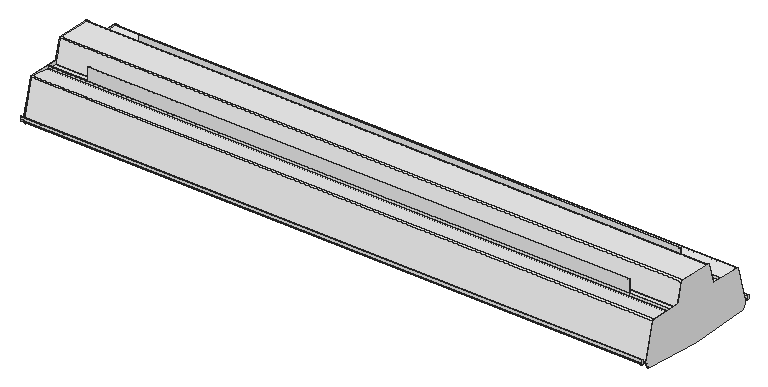
Revit family "LHBD-L05", category Lighting Fixtures, host Ceiling, Revit 2019
Family settings
  Host = Ceiling
  Round Connector Dimension = Use Diameter
  Part Type = Normal
  OmniClass Number = 23.80.70.11.14.11
  OmniClass Title = Downlights
  Always vertical = Yes
  Cut with Voids When Loaded = No
  Light Source = Yes
  Shared = No
  Room Calculation Point = No
Parameters (values of type "LHBD48-LED840K080LUNV-L05")
  Width = 0' - 9 13/16"
  Wattage = 52 W
  built-in parameter 1150110 = 1 (stored number, unit not read)
  Voltage = 120 V  # constant formula
  URL = "https://www.viscor.com/en/products/lhbd"
  built-in parameter 1114217 = 0.9 (stored number, unit not read)
  Tilt Angle = 90.00°
  built-in parameter 1150109 = 1 (stored number, unit not read)
  built-in parameter 1150134 = 12
  built-in parameter 1150113 = 1 (stored number, unit not read)
  Photometric Web File = "LHBD48-LED840K080LUNV-L05-G001988.IES"
  Model = "LHBD"  # constant formula
  Manufacturer = "VISIONEERING by VISCOR"  # constant formula
  Lumens = 7124 lm
  built-in parameter 1150115 = 1 (stored number, unit not read)
  built-in parameter 1150105 = 566.91 (stored number, unit not read)
  Louver Finish = Metal - Viscor - White Gloss F06
  built-in parameter 1150137 = (empty or 0)
  built-in parameter 1150139 = (empty or 0)
  Lens Finish = Acrylic - Viscor - Frosted, Impact Round Extruded
  Length = 3' - 10 1/16"
  Lamp Wattage = 52 VA
  built-in parameter 1150112 = 1 (stored number, unit not read)
  built-in parameter 1150114 = 1 (stored number, unit not read)
  Lamp = "LED"  # constant formula
  built-in parameter 1150132 = (empty or 0)
  built-in parameter 1150102 = (empty or 0)
  built-in parameter 1150138 = (empty or 0)
  built-in parameter 1150107 = 4000 (stored number, unit not read)
  built-in parameter 1150106 = 5.6691 (stored number, unit not read)
  Housing Finish = Metal - Viscor - White
  Height = 0' - 4 11/16"
  Emit from Rectangle Width = Width  # 0' - 9 13/16"
  Emit from Rectangle Length = Length  # 3' - 10 1/16"
  Emit Shape Visible in Rendering = no
  built-in parameter 1150104 = 12.728 (stored number, unit not read)
  Dimming Lamp Color Temperature Shift = <None>
  Description = "LED Pendant Mount High Bay D"  # constant formula
  Color Filter = 16777215
  built-in parameter 1114218 = 1 (stored number, unit not read)
  built-in parameter 1150133 = 10 (stored number, unit not read)
  Assembly Code = "D5020200"
  Apparent Load = Lamp Wattage  # 52 VA
Types (5): name | Wattage | Photometric Web File | Lumens | built-in parameter 1150105 | Length | Lamp Wattage | built-in parameter 1150106 | Emit from Rectangle Length | built-in parameter 1150104 | Apparent Load
  (no name) | 52 W | "LHBD48-LED840K080LUNV-L05-G001988.IES" | 7124 lm | 566.91 (stored number, unit not read) | 3' - 10 1/16" | 52 VA | 5.6691 (stored number, unit not read) | 3' - 10 1/16" | 12.728 (stored number, unit not read) | 52 VA
  LHBD48-LED840K080LUNV-L05 | 52 W | "LHBD48-LED840K080LUNV-L05-G001988.IES" | 7124 lm | 566.91 (stored number, unit not read) | 3' - 10 1/16" | 52 VA | 5.6691 (stored number, unit not read) | 3' - 10 1/16" | 12.728 (stored number, unit not read) | 52 VA
  LHBD48-LED840K120LUNV-L05 | 87 W | "LHBD48-LED840K120LUNV-L05-G001986.IES" | 10875 lm | 865.41 (stored number, unit not read) | 3' - 10 1/16" | 87 VA | 8.6541 (stored number, unit not read) | 3' - 10 1/16" | 11.613 (stored number, unit not read) | 87 VA
  LHBD96-LED840K160LUNV-L05 | 104 W | "LHBD96-LED840K160LUNV-L05.ies" | 14248 lm | 1133.8 (stored number, unit not read) | 7' - 8 1/16" | 104 VA | 11.338 (stored number, unit not read) | 7' - 8 1/16" | 12.728 (stored number, unit not read) | 104 VA
  LHBD96-LED840K240LUNV-L05 | 173 W | "LHBD96-LED840K240LUNV-L05.ies" | 21625 lm | 1720.9 (stored number, unit not read) | 7' - 8 1/16" | 173 VA | 17.209 (stored number, unit not read) | 7' - 8 1/16" | 11.613 (stored number, unit not read) | 173 VA
Reference planes (in)
  plane 1 "Light Source Axis (F/B)": y = 0
  plane 2 "Ceiling": z = 240
  plane 3 "Light Source Axis (L/R)": x = 0
  plane 4 "Light Source Elevation": z = 235.375
  plane 5: x = -23.03125
  plane 6: x = 23.03125
  plane 7: y = 4.90625
  plane 8: y = -4.90625
  plane 9: x = -23.00125
  plane 10: x = 23.00125
  plane 11: x = -20.03125
  plane 12: x = 20.03125
  plane 13: x = -22.48325
  plane 14: x = 22.48325
Forms (in)
  Extrusion 1, solid, material "Metal - Viscor - White" <- "Housing Finish"
    sketch origin (0, 0, 0) x (0, 1, 0) y (0, 0, 1)
      loop
        arc (-4.906, 236.068) -> (-4.88491, 236.01709) -> (-4.834, 235.996) r 0.072
        line (-4.834, 235.996) -> (-4.58671, 235.996)
        arc (-4.58671, 235.996) -> (-4.54265, 236.01106) -> (-4.51702, 236.04993) r 0.072
        line (-4.51702, 236.04993) -> (-3.88336, 238.49342)
        arc (-3.88336, 238.49342) -> (-3.86796, 238.51559) -> (-3.84185, 238.52244) r 0.039
        line (-3.84185, 238.52244) -> (-1.70161, 238.31493)
        arc (-1.70161, 238.31493) -> (-1.6534, 238.32759) -> (-1.62496, 238.36852) r 0.072
        line (-1.62496, 238.36852) -> (-1.22657, 239.90479)
        arc (-1.22657, 239.90479) -> (-1.21269, 239.92584) -> (-1.18882, 239.934) r 0.039
        line (-1.18882, 239.934) -> (1.18882, 239.934)
        arc (1.18882, 239.934) -> (1.21269, 239.92584) -> (1.22657, 239.90479) r 0.039
        line (1.22657, 239.90479) -> (1.62496, 238.36852)
        arc (1.62496, 238.36852) -> (1.6534, 238.32759) -> (1.70161, 238.31493) r 0.072
        line (1.70161, 238.31493) -> (3.84185, 238.52244)
        arc (3.84185, 238.52244) -> (3.86796, 238.51559) -> (3.88336, 238.49342) r 0.039
        line (3.88336, 238.49342) -> (4.51702, 236.04993)
        arc (4.51702, 236.04993) -> (4.54265, 236.01106) -> (4.58671, 235.996) r 0.072
        line (4.58671, 235.996) -> (4.834, 235.996)
        arc (4.834, 235.996) -> (4.88491, 236.01709) -> (4.906, 236.068) r 0.072
        line (4.906, 236.068) -> (4.906, 236.298) -> (4.87475, 236.298) -> (4.87475, 236.068)
        arc (4.87475, 236.068) -> (4.86281, 236.03919) -> (4.834, 236.02725) r 0.04075
        line (4.834, 236.02725) -> (4.58671, 236.02725)
        arc (4.58671, 236.02725) -> (4.56177, 236.03577) -> (4.54727, 236.05777) r 0.04075
        line (4.54727, 236.05777) -> (3.91361, 238.50126)
        arc (3.91361, 238.50126) -> (3.88587, 238.5412) -> (3.83883, 238.55355) r 0.07025
        line (3.83883, 238.55355) -> (1.69859, 238.34604)
        arc (1.69859, 238.34604) -> (1.67131, 238.3532) -> (1.65521, 238.37637) r 0.04075
        line (1.65521, 238.37637) -> (1.25682, 239.91263)
        arc (1.25682, 239.91263) -> (1.23181, 239.95056) -> (1.18882, 239.96525) r 0.07025
        line (1.18882, 239.96525) -> (-1.18882, 239.96525)
        arc (-1.18882, 239.96525) -> (-1.23181, 239.95056) -> (-1.25682, 239.91263) r 0.07025
        line (-1.25682, 239.91263) -> (-1.65521, 238.37637)
        arc (-1.65521, 238.37637) -> (-1.67131, 238.3532) -> (-1.69859, 238.34604) r 0.04075
        line (-1.69859, 238.34604) -> (-3.83883, 238.55355)
        arc (-3.83883, 238.55355) -> (-3.88587, 238.5412) -> (-3.91361, 238.50126) r 0.07025
        line (-3.91361, 238.50126) -> (-4.54727, 236.05777)
        arc (-4.54727, 236.05777) -> (-4.56177, 236.03577) -> (-4.58671, 236.02725) r 0.04075
        line (-4.58671, 236.02725) -> (-4.834, 236.02725)
        arc (-4.834, 236.02725) -> (-4.86281, 236.03919) -> (-4.87475, 236.068) r 0.04075
        line (-4.87475, 236.068) -> (-4.87475, 236.298) -> (-4.906, 236.298) -> (-4.906, 236.068)
    from -23.00125 to 23.00125
  Extrusion 2, solid, material "Metal - Viscor - White" <- "Housing Finish"
    sketch origin (0, 0, 0) x (0, 1, 0) y (0, 0, 1)
      loop
        line (4.52143, 236.17574) -> (3.9025, 238.569) -> (1.608, 238.569) -> (1.57671, 238.69002) -> (1.2465, 239.967) -> (-1.2465, 239.967) -> (-1.57671, 238.69002) -> (-1.608, 238.569) -> (-3.9025, 238.569) -> (-3.93276, 238.45198) -> (-4.52143, 236.17574) -> (-4.5685, 235.99372)
        arc (-4.5685, 235.99372) -> (-4.51625, 235.77119) -> (-4.37042, 235.59517) r 0.5
        arc (-4.37042, 235.59517) -> (0, 235.342) -> (4.37042, 235.59517) r 37.8495
        arc (4.37042, 235.59517) -> (4.51625, 235.77119) -> (4.5685, 235.99372) r 0.5
        line (4.5685, 235.99372) -> (4.52143, 236.17574)
    from -23.03125 to -23.00125
  Extrusion 3, solid, material "Metal - Viscor - White" <- "Housing Finish"
    sketch origin (0, 0, 0) x (0, 1, 0) y (0, 0, -1)
      loop
        line (4.52143, -236.17574) -> (4.5685, -235.99372)
        arc (4.5685, -235.99372) -> (4.51625, -235.77119) -> (4.37042, -235.59517) r 0.5
        arc (4.37042, -235.59517) -> (0, -235.342) -> (-4.37042, -235.59517) r 37.8495
        arc (-4.37042, -235.59517) -> (-4.51625, -235.77119) -> (-4.5685, -235.99372) r 0.5
        line (-4.5685, -235.99372) -> (-4.52143, -236.17574) -> (-3.93276, -238.45198) -> (-3.9025, -238.569) -> (-1.608, -238.569) -> (-1.57671, -238.69002) -> (-1.2465, -239.967) -> (1.2465, -239.967) -> (1.57671, -238.69002) -> (1.608, -238.569) -> (3.9025, -238.569) -> (4.52143, -236.17574)
    from -23.03125 to -23.00125
  Extrusion 4, solid, material "Metal - Viscor - White" <- "Housing Finish"
    sketch origin (0, 0, 0) x (0, 1, 0) y (0, 0, 1)
      loop
        line (2.375, 238.36518) -> (2.375, 238.569) -> (2.34375, 238.569) -> (2.34375, 238.36518)
        arc (2.34375, 238.36518) -> (2.33394, 238.3398) -> (2.30962, 238.3276) r 0.03775
        line (2.30962, 238.3276) -> (0.6235, 238.16525) -> (-0.6235, 238.16525) -> (-2.30962, 238.3276)
        arc (-2.30962, 238.3276) -> (-2.33394, 238.3398) -> (-2.34375, 238.36518) r 0.03775
        line (-2.34375, 238.36518) -> (-2.34375, 238.569) -> (-2.375, 238.569) -> (-2.375, 238.36518)
        arc (-2.375, 238.36518) -> (-2.35708, 238.31879) -> (-2.31261, 238.2965) r 0.069
        line (-2.31261, 238.2965) -> (-0.625, 238.134) -> (0.625, 238.134) -> (2.31261, 238.2965)
        arc (2.31261, 238.2965) -> (2.35708, 238.31879) -> (2.375, 238.36518) r 0.069
    from -23.00125 to 23.00125
  Extrusion 5, solid, material "Metal - Viscor - White" <- "Housing Finish"
    sketch origin (0, 0, 0) x (0, 1, 0) y (0, 0, 1)
      loop
        line (-2.375, 238.569) -> (-2.34375, 238.569) -> (-2.34375, 239.53451) -> (-2.375, 239.53451) -> (-2.375, 238.569)
    from -20.03125 to 20.03125
  Extrusion 6, solid, material "Metal - Viscor - White" <- "Housing Finish"
    sketch origin (0, 0, 0) x (0, -1, 0) y (0, 0, -1)
      loop
        line (-2.375, -238.569) -> (-2.375, -239.53451) -> (-2.34375, -239.53451) -> (-2.34375, -238.569) -> (-2.375, -238.569)
    from -20.03125 to 20.03125
Dimensions and locks (in)
  equal spacing: host sketch curve, plane 3 "Light Source Axis (L/R)", host sketch curve
  equal spacing: host sketch curve, plane 1 "Light Source Axis (F/B)", host sketch curve
  host sketch curve to host sketch curve = 10' - 0"  (x2)
  equal spacing: plane 5, plane 3 "Light Source Axis (L/R)", plane 6
  "Length": plane 5 to plane 6
  equal spacing: plane 7, plane 1 "Light Source Axis (F/B)", plane 8
  "Width": plane 7 to plane 8
  locked: plane 5 to plane 9 at 0.03
  locked: plane 10 to plane 6 at 0.03
  locked: plane 5 to plane 11 at 3
  locked: plane 12 to plane 6 at 3
  locked: plane 5 to plane 13 at 0.548
  locked: plane 14 to plane 6 at 0.548
  aligned and locked: plane 3 "Light Source Axis (L/R)" to imposter light
  aligned and locked: imposter light to plane 1 "Light Source Axis (F/B)"
  aligned and locked: plane 4 "Light Source Elevation" to imposter light
  aligned and locked: Extrusion 1 to plane 9
  aligned and locked: plane 10 to Extrusion 1
  aligned and locked: Extrusion 2 to plane 5
  aligned and locked: plane 9 to Extrusion 2
  aligned and locked: plane 6 to Extrusion 3
  aligned and locked: Extrusion 3 to plane 10
  aligned and locked: Extrusion 4 to plane 9
  aligned and locked: plane 10 to Extrusion 4
  aligned and locked: Extrusion 5 to plane 11
  aligned and locked: plane 12 to Extrusion 5
  aligned and locked: Extrusion 6 to plane 11
  aligned and locked: plane 12 to Extrusion 6
Automatic sketch dimensions
  Extrusion 1 sketch curve to Extrusion 1 sketch curve = 0' - 0"  (x20)
  plane 8 to Extrusion 1 sketch curve = 0' - 0.00025"
  Extrusion 1 sketch curve to Extrusion 1 sketch curve = 0' - 0 1/32"
  Extrusion 1 sketch curve to Extrusion 1 sketch curve = 0' - 0.04075"  (x3)
  Extrusion 1 sketch curve to Extrusion 1 sketch curve = 0' - 0.24729"
  Extrusion 1 sketch curve to Extrusion 1 sketch curve = 0' - 0.03945"  (x4)
  Extrusion 1 sketch curve to Extrusion 1 sketch curve = 0' - 0.03025"  (x7)
  plane 8 to Extrusion 1 sketch curve = 0' - 0.99264"
  Extrusion 1 sketch curve to Extrusion 1 sketch curve = 0' - 0.03775"  (x4)
  Extrusion 1 sketch curve to Extrusion 1 sketch curve = 0' - 0.00376"  (x2)
  Extrusion 1 sketch curve to Extrusion 1 sketch curve = 0' - 0.00302"  (x4)
  plane 1 "Light Source Axis (F/B)" to Extrusion 1 sketch curve = 0' - 1.70161"
  Extrusion 1 sketch curve to Extrusion 1 sketch curve = 0' - 0.00393"  (x2)
  Extrusion 1 sketch curve to plane 2 "Ceiling" = 0' - 0.08737"  (x2)
  plane 1 "Light Source Axis (F/B)" to Extrusion 1 sketch curve = 0' - 1.25682"
  Extrusion 1 sketch curve to plane 2 "Ceiling" = 0' - 0.09521"  (x2)
  Extrusion 1 sketch curve to plane 2 "Ceiling" = 0' - 0.066"
  Extrusion 1 sketch curve to plane 1 "Light Source Axis (F/B)" = 0' - 1.18882"
  Extrusion 1 sketch curve to Extrusion 1 sketch curve = 0' - 0.39839"
  Extrusion 1 sketch curve to plane 7 = 0' - 1.06742"
  Extrusion 1 sketch curve to plane 7 = 0' - 0.38923"
  Extrusion 1 sketch curve to plane 7 = 0' - 0.07225"
  Extrusion 1 sketch curve to plane 7 = 0' - 0.0315"
  Extrusion 1 sketch curve to plane 7 = 0' - 0.00025"
  Extrusion 1 sketch curve to plane 2 "Ceiling" = 0' - 1.44645"  (x2)
  Extrusion 1 sketch curve to Extrusion 1 sketch curve = 0' - 0.0311"  (x2)
  Extrusion 1 sketch curve to Extrusion 1 sketch curve = 0' - 0.02118"  (x2)
  Extrusion 1 sketch curve to Extrusion 1 sketch curve = 0' - 1.52604"  (x2)
  Extrusion 1 sketch curve to Extrusion 1 sketch curve = 0' - 0.01023"  (x2)
  Extrusion 1 sketch curve to Extrusion 1 sketch curve = 0' - 0.00784"  (x2)
  Extrusion 1 sketch curve to plane 4 "Light Source Elevation" = 0' - 0.923"  (x2)
  Extrusion 1 sketch curve to Extrusion 1 sketch curve = 0' - 0.23"  (x2)
  Extrusion 2 sketch curve to plane 1 "Light Source Axis (F/B)" = 0' - 0"
  Extrusion 2 sketch curve to plane 2 "Ceiling" = 0' - 0.033"
  plane 1 "Light Source Axis (F/B)" to Extrusion 2 sketch curve = 0' - 1.2465"
  Extrusion 2 sketch curve to Extrusion 2 sketch curve = 0' - 0.33021"  (x2)
  Extrusion 2 sketch curve to Extrusion 2 sketch curve = 0' - 0.03129"  (x2)
  plane 8 to Extrusion 2 sketch curve = 0' - 1.00375"
  Extrusion 2 sketch curve to Extrusion 2 sketch curve = 0' - 0.03026"
  plane 8 to Extrusion 2 sketch curve = 0' - 0.83775"
  plane 8 to Extrusion 2 sketch curve = 0' - 0.38482"
  Extrusion 2 sketch curve to Extrusion 2 sketch curve = 0' - 0.04707"  (x2)
  Extrusion 2 sketch curve to plane 1 "Light Source Axis (F/B)" = 0' - 1.2465"
  Extrusion 2 sketch curve to plane 7 = 0' - 1.00375"
  Extrusion 2 sketch curve to plane 7 = 0' - 0.83775"
  Extrusion 2 sketch curve to plane 7 = 0' - 0.38482"
  Extrusion 2 sketch curve to plane 2 "Ceiling" = 0' - 1.30998"  (x2)
  Extrusion 2 sketch curve to Extrusion 2 sketch curve = 0' - 0.12102"  (x2)
  Extrusion 2 sketch curve to Extrusion 2 sketch curve = 0' - 0.11702"
  Extrusion 2 sketch curve to plane 4 "Light Source Elevation" = 0' - 0.80074"  (x2)
  Extrusion 2 sketch curve to Extrusion 2 sketch curve = 0' - 0.18201"  (x2)
  plane 2 "Ceiling" to Extrusion 2 sketch curve = 2' - 9.1915"
  Extrusion 2 sketch curve to plane 4 "Light Source Elevation" = 0' - 0.22017"
  Extrusion 3 sketch curve to plane 1 "Light Source Axis (F/B)" = 0' - 0"
  Extrusion 3 sketch curve to plane 2 "Ceiling" = 0' - 0.033"
  plane 1 "Light Source Axis (F/B)" to Extrusion 3 sketch curve = 0' - 1.2465"
  Extrusion 3 sketch curve to Extrusion 3 sketch curve = 0' - 0.33021"  (x2)
  Extrusion 3 sketch curve to Extrusion 3 sketch curve = 0' - 0.03129"  (x2)
  plane 8 to Extrusion 3 sketch curve = 0' - 1.00375"
  Extrusion 3 sketch curve to Extrusion 3 sketch curve = 0' - 0.03026"
  plane 8 to Extrusion 3 sketch curve = 0' - 0.83775"
  plane 8 to Extrusion 3 sketch curve = 0' - 0.38482"
  Extrusion 3 sketch curve to Extrusion 3 sketch curve = 0' - 0.04707"  (x2)
  Extrusion 3 sketch curve to plane 1 "Light Source Axis (F/B)" = 0' - 1.2465"
  Extrusion 3 sketch curve to plane 7 = 0' - 1.00375"
  Extrusion 3 sketch curve to plane 7 = 0' - 0.83775"
  Extrusion 3 sketch curve to plane 7 = 0' - 0.38482"
  plane 2 "Ceiling" to Extrusion 3 sketch curve = 2' - 9.1915"
  Extrusion 3 sketch curve to plane 2 "Ceiling" = 0' - 1.30998"  (x2)
  Extrusion 3 sketch curve to plane 2 "Ceiling" = 0' - 1.431"
  Extrusion 3 sketch curve to Extrusion 3 sketch curve = 0' - 0.12102"
  Extrusion 3 sketch curve to Extrusion 3 sketch curve = 0' - 0.11702"
  Extrusion 3 sketch curve to plane 4 "Light Source Elevation" = 0' - 0.80074"  (x2)
  Extrusion 3 sketch curve to Extrusion 3 sketch curve = 0' - 0.18201"  (x2)
  Extrusion 3 sketch curve to plane 4 "Light Source Elevation" = 0' - 0.22017"
  Extrusion 4 sketch curve to Extrusion 4 sketch curve = 0' - 0"  (x4)
  plane 1 "Light Source Axis (F/B)" to Extrusion 4 sketch curve = 0' - 2 3/8"
  Extrusion 4 sketch curve to Extrusion 4 sketch curve = 0' - 0 1/32"  (x3)
  Extrusion 4 sketch curve to Extrusion 4 sketch curve = 0' - 0.03114"
  Extrusion 4 sketch curve to Extrusion 4 sketch curve = 0' - 0.003"  (x2)
  Extrusion 4 sketch curve to Extrusion 4 sketch curve = 0' - 0.00362"  (x2)
  plane 1 "Light Source Axis (F/B)" to Extrusion 4 sketch curve = 0' - 0 5/8"
  Extrusion 4 sketch curve to Extrusion 4 sketch curve = 0' - 0.0015"  (x2)
  Extrusion 4 sketch curve to plane 1 "Light Source Axis (F/B)" = 0' - 0.6235"
  Extrusion 4 sketch curve to Extrusion 4 sketch curve = 0' - 1.6825"
  Extrusion 4 sketch curve to plane 2 "Ceiling" = 0' - 1.7035"
  Extrusion 4 sketch curve to Extrusion 4 sketch curve = 0' - 0.03775"
  Extrusion 4 sketch curve to Extrusion 4 sketch curve = 0' - 0.16235"
  Extrusion 4 sketch curve to Extrusion 4 sketch curve = 0' - 0.13125"
  Extrusion 4 sketch curve to Extrusion 4 sketch curve = 0' - 0.20382"  (x2)
  Extrusion 5 sketch curve to plane 2 "Ceiling" = 0' - 0.46549"
  plane 1 "Light Source Axis (F/B)" to Extrusion 5 sketch curve = 0' - 2 3/8"
  Extrusion 5 sketch curve to Extrusion 5 sketch curve = 0' - 0 1/32"
  Extrusion 5 sketch curve to Extrusion 5 sketch curve = 0' - 0.96551"
  plane 2 "Ceiling" to Extrusion 6 sketch curve = 0' - 0.46549"
  plane 1 "Light Source Axis (F/B)" to Extrusion 6 sketch curve = 0' - 2 3/8"
  Extrusion 6 sketch curve to Extrusion 6 sketch curve = 0' - 0 1/32"
  Extrusion 6 sketch curve to Extrusion 6 sketch curve = 0' - 0.96551"
Connectors (in)
  electrical at (0, 0, 235.375), driven by "Voltage", driven by "Lamp Wattage"
    settings: index 2, voltage 120 V, apparent load 0 VA, apparent load phase1 52 VA, apparent load phase2 0 VA, apparent load phase3 0 VA, power factor 1, load classification "Other", number of poles 1, system type 31, power factor state 1, is connector primary yes, connector utility no, sub classification motor no, connector description ""
